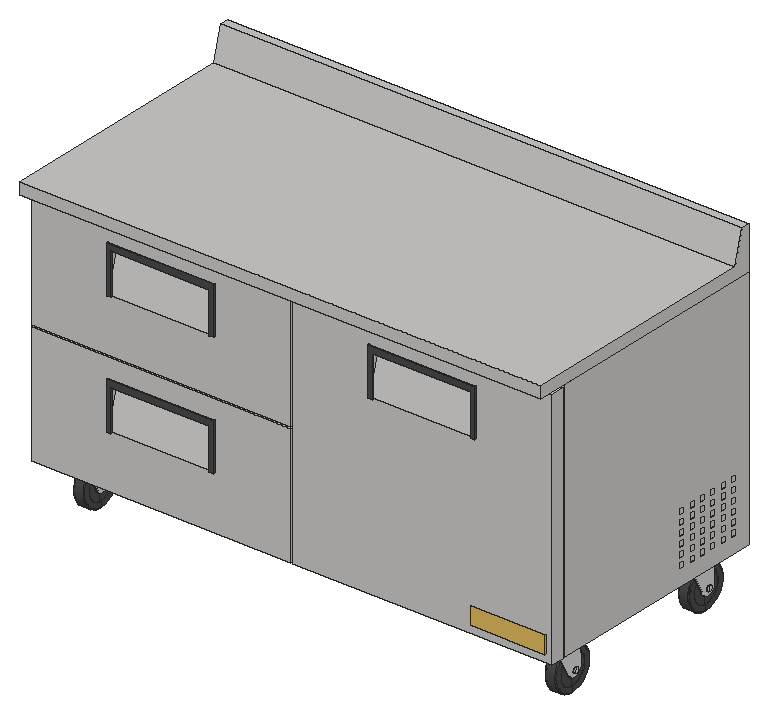
Revit family
Parameters
  Weight = "N/A"
  Watts = FL Amps * Volts  # 586.5 W
  Volts = 115 V
  URL Manufacturer = "www.truemfg.com"
  URL Cutsheet = "www.truemfg.com"
  URL = "www.truemfg.com"
  Type Mark [instance] = ""
  Status [instance] = ""
  Specification by User [instance] = ""
  Specification by Manufacturer = ""
  Show Seismic Flanged [instance] = no
  Show Logo [instance] = yes
  Show Legs [instance] = no
  Show Clearance [instance] = yes
  Show Casters [instance] = and(not(Show Legs), not(Show Seismic Flanged))  # yes
  Serial Number = ""
  Seismic Rating = ""
  Seismic Plate [instance] = and(Show Seismic Flanged, not(Show Casters))  # no
  SMACNA No = ""
  Right/Left Option [instance] = no
  Revision Code [instance] = ""
  Phase = 1
  Omniclass Number and Title = ""
  Number of Poles [instance] = 1
  NAFEM Spec ID Number = ""
  Model = "TWT-60D-2"
  Min Ckt Ampacity = 0 A
  Max Overcurrent Protection = 0 A
  MasterSpec. = ""
  Manufacturer = "TRUE FOOD SERVICE EQUIPMENT, INC."
  Legs [instance] = or(Show Legs, Show Seismic Flanged)  # no
  Item Number [instance] = ""
  Installed By [instance] = ""
  Identify Quantity as Lot [instance] = yes
  HP = "1/5"
  Furnished By [instance] = ""
  Foodservice Equipment Identifier [instance] = yes
  FL Amps = 5.1 A
  Electrical Remarks [instance] = "230-240/50/1"
  Electric Connection Type [instance] = ""
  Elec Conn RI Height [instance] = 0"
  Elec Conn Connection Height [instance] = 0"
  Description = "Worktop Drawered Refrigerator"
  Cycle = 60 Hz
  Conn Plug NEMA = "NEMA 5-15P"
  Conn Conduit = yes
  CSI MasterFormat = ""
  CSI Master Format = ""
  Body Finish = QF_Finishes_Stainless Steel
  Base Height [instance] = if(Legs, 6", 6 3/16")  # 6 3/16"
  Apparent Power = if(Phase = 3, Volts * FL Amps * 1.73, Volts * FL Amps)  # 586.5 VA
Reference planes (in)
  plane 1 "BACK": y = -16.5
  plane 2: z = 0
  plane 3 "LEFT": x = 0
  plane 4 "RIGHT": x = 60.3125
  plane 5 "FRONT": y = -47.5625
  plane 6 "TOP": z = 35.9375
  plane 7: z = 6.1875
Forms (in)
  Revolve 1, solid, material "QF_Finishes_Stainless Steel" <- "Body Finish", visible <- "Legs"
    sketch origin (0.84375, -20.82507, 0) x (1, 0, 0) y (0, 0, -1)
      loop
        line (2, -6.1875) -> (2, -0.1875) -> (1.5, -0.1875) -> (1.5, -1.1875) -> (1.25, -1.1875) -> (0.53856, -6.1875) -> (2, -6.1875)
      axis (2, -0.1875) -> (2, -6.1875)
    angle from 0 to 360
  Extrusion 2, solid, material "QF_Finishes_Stainless Steel" <- "Body Finish", visible <- "Seismic Plate"
    sketch origin (-0.22541, -19.13091, 0) x (1, 0, 0) y (0, 1, 0)
      loop
        circle (3.06916, -1.69416) r 1.5
    from 0 to 0.25
  Revolve 3, solid, material "QF_Finishes_Stainless Steel" <- "Body Finish", visible <- "Legs"
    sketch origin (0.84375, -40.15813, 0) x (1, 0, 0) y (0, 0, -1)
      loop
        line (2, -6.1875) -> (2, -0.1875) -> (1.5, -0.1875) -> (1.5, -1.1875) -> (1.25, -1.1875) -> (0.53856, -6.1875) -> (2, -6.1875)
      axis (2, -0.1875) -> (2, -6.1875)
    angle from 0 to 360
  Extrusion 4, solid, material "QF_Finishes_Stainless Steel" <- "Body Finish", visible <- "Seismic Plate"
    sketch origin (-0.22541, -42.50254, 0) x (1, 0, 0) y (0, 1, 0)
      loop
        circle (3.06916, 2.30585) r 1.5
    from 0 to 0.25
  Revolve 5, solid, material "QF_Finishes_Stainless Steel" <- "Body Finish", visible <- "Legs"
    sketch origin (22.71875, -20.82507, 0) x (1, 0, 0) y (0, 0, -1)
      loop
        line (34.75, -6.1875) -> (34.75, -0.1875) -> (34.25, -0.1875) -> (34.25, -1.1875) -> (34, -1.1875) -> (33.28856, -6.1875) -> (34.75, -6.1875)
      axis (34.75, -0.1875) -> (34.75, -6.1875)
    angle from 0 to 360
  Extrusion 6, solid, material "QF_Finishes_Stainless Steel" <- "Body Finish", visible <- "Seismic Plate"
    sketch origin (21.64959, -19.13091, 0) x (1, 0, 0) y (0, 1, 0)
      loop
        circle (35.81916, -1.69416) r 1.5
    from 0 to 0.25
  Revolve 7, solid, material "QF_Finishes_Stainless Steel" <- "Body Finish", visible <- "Legs"
    sketch origin (22.71875, -40.15813, 0) x (1, 0, 0) y (0, 0, -1)
      loop
        line (34.75, -6.1875) -> (34.75, -0.1875) -> (34.25, -0.1875) -> (34.25, -1.1875) -> (34, -1.1875) -> (33.28856, -6.1875) -> (34.75, -6.1875)
      axis (34.75, -0.1875) -> (34.75, -6.1875)
    angle from 0 to 360
  Extrusion 8, solid, material "QF_Finishes_Stainless Steel" <- "Body Finish", visible <- "Seismic Plate"
    sketch origin (21.64959, -42.50254, 0) x (1, 0, 0) y (0, 1, 0)
      loop
        circle (35.81916, 2.30585) r 1.5
    from 0 to 0.25
Lines and regions (in)
  symbolic lines, style "SpecialityEquipmentHiddenLines", visible <- "Show Casters"
    curve 1: line (1.05276, -22.68104, 0) -> (2.13882, -23.30808, 0)
    curve 2: line (3.55276, -18.35092, 0) -> (1.05276, -22.68104, 0)
    curve 3: line (4.63882, -18.97795, 0) -> (3.55276, -18.35092, 0)
    curve 4: line (2.13882, -23.30808, 0) -> (4.63882, -18.97795, 0)
    curve 5: line (55.67776, -22.68104, 0) -> (56.76382, -23.30808, 0)
    curve 6: line (58.17776, -18.35092, 0) -> (55.67776, -22.68104, 0)
    curve 7: line (59.26382, -18.97795, 0) -> (58.17776, -18.35092, 0)
    curve 8: line (56.76382, -23.30808, 0) -> (59.26382, -18.97795, 0)
    curve 9: line (1.05276, -42.04409, 0) -> (2.13882, -42.67113, 0)
    curve 10: line (3.55276, -37.71397, 0) -> (1.05276, -42.04409, 0)
    curve 11: line (4.63882, -38.34101, 0) -> (3.55276, -37.71397, 0)
    curve 12: line (2.13882, -42.67113, 0) -> (4.63882, -38.34101, 0)
    curve 13: line (55.67776, -42.04409, 0) -> (56.76382, -42.67113, 0)
    curve 14: line (58.17776, -37.71397, 0) -> (55.67776, -42.04409, 0)
    curve 15: line (59.26382, -38.34101, 0) -> (58.17776, -37.71397, 0)
    curve 16: line (56.76382, -42.67113, 0) -> (59.26382, -38.34101, 0)
Dimensions and locks (in)
  plane 3 "LEFT" to plane 4 "RIGHT" = 60 5/16"
  plane 4 "RIGHT" to plane 3 "LEFT" = 60 5/16"
  plane 5 "FRONT" to plane 1 "BACK" = 31 1/16"  (x2)
  "Base Height": plane 7 to level
  Revolve 3 sketch curve to Revolve 3 sketch curve to Revolve 3 sketch curve = 5" locked, 1" locked
  Revolve 1 sketch curve to Revolve 1 sketch curve to Revolve 1 sketch curve = 5" locked, 1" locked
  Revolve 7 sketch curve to Revolve 7 sketch curve to Revolve 7 sketch curve = 5" locked, 1" locked
  Revolve 5 sketch curve to Revolve 5 sketch curve to Revolve 5 sketch curve = 5" locked, 1" locked
  plane 6 "TOP" to level = 35 15/16"
  nested 1 to plane 5 "FRONT" = 19 11/16"
  aligned and locked: level to plane 2
  aligned and locked: Revolve 3 sketch curve to plane 7
  aligned and locked: Revolve 1 sketch curve to plane 7
  aligned and locked: plane 7 to Revolve 7
  aligned and locked: plane 7 to Revolve 5
  aligned and locked: plane 5 "FRONT" to nested 1
  aligned and locked: plane 3 "LEFT" to nested 1  (x2)
  aligned and locked: plane 7 to nested 1
  aligned and locked: nested 1 to plane 7
  aligned and locked: nested 1 to plane 5 "FRONT"
Automatic sketch dimensions
  plane 3 "LEFT" to curve 1 = 1.05276"
  plane 3 "LEFT" to curve 10 = 1.05276"
  curve 1 to curve 1 = 1.08606"
  curve 9 to curve 9 = 1.08606"
  plane 3 "LEFT" to curve 3 = 3.55276"
  plane 3 "LEFT" to curve 10 = 3.55276"
  curve 13 to plane 4 "RIGHT" = 4.63474"
  curve 5 to plane 4 "RIGHT" = 4.63474"
  curve 13 to curve 13 = 1.08606"
  curve 5 to curve 8 = 1.08606"
  curve 7 to plane 4 "RIGHT" = 2.13474"
  curve 14 to plane 4 "RIGHT" = 2.13474"
  curve 16 to plane 5 "FRONT" = 4.89137"
  curve 12 to plane 5 "FRONT" = 4.89137"
  curve 13 to curve 13 = 0.62704"
  curve 9 to curve 10 = 0.62704"
  plane 1 "BACK" to curve 4 = 6.80808"
  plane 1 "BACK" to curve 8 = 6.80808"
  curve 5 to curve 6 = 0.62704"
  curve 1 to curve 1 = 0.62704"
  plane 3 "LEFT" to Revolve 1 sketch curve = 1.38231"
  plane 3 "LEFT" to Revolve 1 sketch curve = 2 3/32"
  Revolve 1 sketch curve to Revolve 1 sketch curve = 1/4"
  Revolve 1 sketch curve to Revolve 1 sketch curve = 1/2"
  Revolve 1 sketch curve to Revolve 1 sketch curve = 0"
  plane 7 to Revolve 1 sketch curve = 23/32"
  Revolve 1 sketch curve to Revolve 1 sketch curve = 1 1/2"
  plane 3 "LEFT" to Extrusion 2 sketch curve = 2 27/32"
  plane 1 "BACK" to Extrusion 2 sketch curve = 4.32507"
  plane 3 "LEFT" to Revolve 3 sketch curve = 1.38231"
  plane 3 "LEFT" to Revolve 3 sketch curve = 2 3/32"
  Revolve 3 sketch curve to Revolve 3 sketch curve = 1/4"
  Revolve 3 sketch curve to Revolve 3 sketch curve = 1/2"
  Revolve 3 sketch curve to Revolve 3 sketch curve = 0"
  plane 7 to Revolve 3 sketch curve = 23/32"
  Revolve 3 sketch curve to Revolve 3 sketch curve = 1 1/2"
  plane 3 "LEFT" to Extrusion 4 sketch curve = 2 27/32"
  Extrusion 4 sketch curve to plane 5 "FRONT" = 7.36581"
  Revolve 5 sketch curve to plane 7 = 0"
  Revolve 5 sketch curve to plane 4 "RIGHT" = 4.30519"
  Revolve 5 sketch curve to plane 4 "RIGHT" = 3 19/32"
  Revolve 5 sketch curve to Revolve 5 sketch curve = 1/4"
  Revolve 5 sketch curve to Revolve 5 sketch curve = 1/2"
  Revolve 5 sketch curve to Revolve 5 sketch curve = 0"
  plane 7 to Revolve 5 sketch curve = 23/32"
  Revolve 5 sketch curve to Revolve 5 sketch curve = 1 1/2"
  Extrusion 6 sketch curve to plane 4 "RIGHT" = 2 27/32"
  plane 1 "BACK" to Extrusion 6 sketch curve = 4.32507"
  Revolve 7 sketch curve to plane 7 = 0"
  Revolve 7 sketch curve to plane 4 "RIGHT" = 4.30519"
  Revolve 7 sketch curve to plane 4 "RIGHT" = 3 19/32"
  Revolve 7 sketch curve to Revolve 7 sketch curve = 1/4"
  Revolve 7 sketch curve to Revolve 7 sketch curve = 1/2"
  Revolve 7 sketch curve to Revolve 7 sketch curve = 0"
  plane 7 to Revolve 7 sketch curve = 23/32"
  Revolve 7 sketch curve to Revolve 7 sketch curve = 1 1/2"
  Extrusion 8 sketch curve to plane 4 "RIGHT" = 2 27/32"
  Extrusion 8 sketch curve to plane 5 "FRONT" = 7.36581"
  radius of Extrusion 2 sketch curve = 1 1/2"
  radius of Extrusion 4 sketch curve = 1 1/2"
  radius of Extrusion 6 sketch curve = 1 1/2"
  radius of Extrusion 8 sketch curve = 1 1/2"
Nested families (in)
  nested 1: "True_TWT-60D-2" at (0, 0, 0), Show Logo <- "Show Logo", Show Clearance <- "Show Clearance", Show Casters <- "Show Casters", RightLeft Option <- "Right/Left Option", type "True_TWT-60D-2"
    with Show Logo yes, Show Clearance yes, Show Casters yes, RightLeft Option no, Right Clearance yes, Left Clearance no, B 0", A 0"
Connectors (in)
  electrical at (56.875, -17.5, 12), driven by "Volts", driven by "Watts"
    settings: on nested 1, index 1, voltage 115 V, apparent load 586.5 VA, apparent load phase1 0 VA, apparent load phase2 0 VA, apparent load phase3 0 VA, power factor 1, load classification "Other", number of poles 1, system type 30, power factor state 1, is connector primary yes, connector utility no, sub classification motor no, connector description "Electrical Connection"
Definition of nested family "True_TWT-60D-2"
  Parameters (values of type "True_TWT-60D-2")
    URL = ""
    Show Logo [instance] = yes
    Show Clearance [instance] = yes
    Show Casters [instance] = yes
    RightLeft Option [instance] = no
    Right Clearance [instance] = and(Show Clearance, not(RightLeft Option))  # yes
    Model = ""
    Manufacturer = ""
    Left Clearance [instance] = and(Show Clearance, (RightLeft Option))  # no
    Description = ""
    B [instance] = if(RightLeft Option, 30 9/32", 0")  # 0"
    Assembly Code = ""
    A [instance] = if(RightLeft Option, 30 9/32", 0")  # 0"
  Reference planes (in)
    plane 1 "BACK": y = -16.5
    plane 2: z = 0
    plane 3 "LEFT": x = 0
    plane 4 "RIGHT": x = 60.3125
    plane 5 "FRONT": y = -47.5625
    plane 6 "TOP": z = 35.9375
    plane 7: z = 6.1875
  Forms (in)
    Extrusion 1, solid, material "QF_Finishes_Stainless Steel"
      sketch origin (0, -1, 0) x (0, 1, 0) y (0, 0, 1)
        loop
          line (-46.5625, 35.9375) -> (-46.5625, 34.5) -> (-16.5, 34.5) -> (-16.5, 39.5) -> (-17.5, 39.5) -> (-18.46875, 35.9375) -> (-46.5625, 35.9375)
      from 0 to 60.3125
    Extrusion 2, solid, material "QF_Finishes_Stainless Steel"
      sketch origin (0, -1, 0) x (0, 1, 0) y (0, 0, 1)
        loop
          line (-17.5, 34.5) -> (-17.5, 6.1875) -> (-16.5, 6.1875) -> (-16.5, 34.5) -> (-17.5, 34.5)
      from 0 to 60.1875
    Extrusion 3, solid, material "QF_Finishes_Stainless Steel"
      sketch origin (40.66923, -1, 0.52317) x (0, 1, 0) y (0, 0, 1)
        loop
          line (-43.07201, 33.97683) -> (-43.07201, 5.66433) -> (-16.5, 5.66433) -> (-16.5, 33.97683) -> (-43.07201, 33.97683)
        loop
          line (-19.03986, 13.81876) -> (-19.03986, 13.06876) -> (-18.28986, 13.06876) -> (-18.28986, 13.81876) -> (-19.03986, 13.81876)
        loop
          line (-20.53986, 13.81876) -> (-20.53986, 13.06876) -> (-19.78986, 13.06876) -> (-19.78986, 13.81876) -> (-20.53986, 13.81876)
        loop
          line (-22.03986, 13.81876) -> (-22.03986, 13.06876) -> (-21.28986, 13.06876) -> (-21.28986, 13.81876) -> (-22.03986, 13.81876)
        loop
          line (-23.53986, 13.81876) -> (-23.53986, 13.06876) -> (-22.78986, 13.06876) -> (-22.78986, 13.81876) -> (-23.53986, 13.81876)
        loop
          line (-25.03986, 13.81876) -> (-25.03986, 13.06876) -> (-24.28986, 13.06876) -> (-24.28986, 13.81876) -> (-25.03986, 13.81876)
        loop
          line (-26.53986, 13.81876) -> (-26.53986, 13.06876) -> (-25.78986, 13.06876) -> (-25.78986, 13.81876) -> (-26.53986, 13.81876)
        loop
          line (-19.03986, 12.69376) -> (-19.03986, 11.94376) -> (-18.28986, 11.94376) -> (-18.28986, 12.69376) -> (-19.03986, 12.69376)
        loop
          line (-20.53986, 12.69376) -> (-20.53986, 11.94376) -> (-19.78986, 11.94376) -> (-19.78986, 12.69376) -> (-20.53986, 12.69376)
        loop
          line (-22.03986, 12.69376) -> (-22.03986, 11.94376) -> (-21.28986, 11.94376) -> (-21.28986, 12.69376) -> (-22.03986, 12.69376)
        loop
          line (-23.53986, 12.69376) -> (-23.53986, 11.94376) -> (-22.78986, 11.94376) -> (-22.78986, 12.69376) -> (-23.53986, 12.69376)
        loop
          line (-25.03986, 12.69376) -> (-25.03986, 11.94376) -> (-24.28986, 11.94376) -> (-24.28986, 12.69376) -> (-25.03986, 12.69376)
        loop
          line (-26.53986, 12.69376) -> (-26.53986, 11.94376) -> (-25.78986, 11.94376) -> (-25.78986, 12.69376) -> (-26.53986, 12.69376)
        loop
          line (-19.03986, 11.56876) -> (-19.03986, 10.81876) -> (-18.28986, 10.81876) -> (-18.28986, 11.56876) -> (-19.03986, 11.56876)
        loop
          line (-20.53986, 11.56876) -> (-20.53986, 10.81876) -> (-19.78986, 10.81876) -> (-19.78986, 11.56876) -> (-20.53986, 11.56876)
        loop
          line (-22.03986, 11.56876) -> (-22.03986, 10.81876) -> (-21.28986, 10.81876) -> (-21.28986, 11.56876) -> (-22.03986, 11.56876)
        loop
          line (-23.53986, 11.56876) -> (-23.53986, 10.81876) -> (-22.78986, 10.81876) -> (-22.78986, 11.56876) -> (-23.53986, 11.56876)
        loop
          line (-25.03986, 11.56876) -> (-25.03986, 10.81876) -> (-24.28986, 10.81876) -> (-24.28986, 11.56876) -> (-25.03986, 11.56876)
        loop
          line (-26.53986, 11.56876) -> (-26.53986, 10.81876) -> (-25.78986, 10.81876) -> (-25.78986, 11.56876) -> (-26.53986, 11.56876)
        loop
          line (-19.03986, 10.44376) -> (-19.03986, 9.69376) -> (-18.28986, 9.69376) -> (-18.28986, 10.44376) -> (-19.03986, 10.44376)
        loop
          line (-20.53986, 10.44376) -> (-20.53986, 9.69376) -> (-19.78986, 9.69376) -> (-19.78986, 10.44376) -> (-20.53986, 10.44376)
        loop
          line (-22.03986, 10.44376) -> (-22.03986, 9.69376) -> (-21.28986, 9.69376) -> (-21.28986, 10.44376) -> (-22.03986, 10.44376)
        loop
          line (-23.53986, 10.44376) -> (-23.53986, 9.69376) -> (-22.78986, 9.69376) -> (-22.78986, 10.44376) -> (-23.53986, 10.44376)
        loop
          line (-25.03986, 10.44376) -> (-25.03986, 9.69376) -> (-24.28986, 9.69376) -> (-24.28986, 10.44376) -> (-25.03986, 10.44376)
        loop
          line (-26.53986, 10.44376) -> (-26.53986, 9.69376) -> (-25.78986, 9.69376) -> (-25.78986, 10.44376) -> (-26.53986, 10.44376)
        loop
          line (-19.03986, 9.31876) -> (-19.03986, 8.56876) -> (-18.28986, 8.56876) -> (-18.28986, 9.31876) -> (-19.03986, 9.31876)
        loop
          line (-20.53986, 9.31876) -> (-20.53986, 8.56876) -> (-19.78986, 8.56876) -> (-19.78986, 9.31876) -> (-20.53986, 9.31876)
        loop
          line (-22.03986, 9.31876) -> (-22.03986, 8.56876) -> (-21.28986, 8.56876) -> (-21.28986, 9.31876) -> (-22.03986, 9.31876)
        loop
          line (-23.53986, 9.31876) -> (-23.53986, 8.56876) -> (-22.78986, 8.56876) -> (-22.78986, 9.31876) -> (-23.53986, 9.31876)
        loop
          line (-25.03986, 9.31876) -> (-25.03986, 8.56876) -> (-24.28986, 8.56876) -> (-24.28986, 9.31876) -> (-25.03986, 9.31876)
        loop
          line (-26.53986, 9.31876) -> (-26.53986, 8.56876) -> (-25.78986, 8.56876) -> (-25.78986, 9.31876) -> (-26.53986, 9.31876)
        loop
          line (-19.03986, 8.19376) -> (-19.03986, 7.44376) -> (-18.28986, 7.44376) -> (-18.28986, 8.19376) -> (-19.03986, 8.19376)
        loop
          line (-20.53986, 8.19376) -> (-20.53986, 7.44376) -> (-19.78986, 7.44376) -> (-19.78986, 8.19376) -> (-20.53986, 8.19376)
        loop
          line (-22.03986, 8.19376) -> (-22.03986, 7.44376) -> (-21.28986, 7.44376) -> (-21.28986, 8.19376) -> (-22.03986, 8.19376)
        loop
          line (-23.53986, 8.19376) -> (-23.53986, 7.44376) -> (-22.78986, 7.44376) -> (-22.78986, 8.19376) -> (-23.53986, 8.19376)
        loop
          line (-25.03986, 8.19376) -> (-25.03986, 7.44376) -> (-24.28986, 7.44376) -> (-24.28986, 8.19376) -> (-25.03986, 8.19376)
        loop
          line (-26.53986, 8.19376) -> (-26.53986, 7.44376) -> (-25.78986, 7.44376) -> (-25.78986, 8.19376) -> (-26.53986, 8.19376)
      from 19.51827 to 19.64327
    Extrusion 4, solid, material "QF_Finishes_Stainless Steel"
      sketch origin (31.63704, -16.5, -9.83802) x (1, 0, 0) y (0, 0, 1)
        loop
          circle (22.96499, 40.7598) r 0.46875
      from 0 to 1
    Extrusion 5, solid, material "QF_Finishes_Stainless Steel"
      sketch origin (28.67546, -16.5, -9.83802) x (-1, 0, 0) y (0, 0, -1)
        loop
          circle (22.96499, -40.7598) r 0.46875
      from 0 to 1
    Extrusion 6, solid, material "QF_Finishes_Stainless Steel"
      sketch origin (31.58446, -17.5, 0) x (1, 0, 0) y (0, 0, 1)
        loop
          circle (25.29054, 12) r 0.25
      from 0 to 0.0625
    Extrusion 7, solid, material "QF_Finishes_Stainless Steel"
      sketch origin (0, -47.5625, 0) x (1, 0, 0) y (0, 0, 1)
        loop
          line (0, 34.5) -> (0, 6.1875) -> (60.1875, 6.1875) -> (60.1875, 34.5) -> (0, 34.5)
      from -30.0625 to -3.49049
    Extrusion 8, solid, material "QF_Finishes_Stainless Steel"
      sketch origin (0.99566, -12.95201, 0) x (1, 0, 0) y (0, 0, 1)
        loop
          line (59.31684, 6.1875) -> (59.31684, 34.28323) -> (29.28559, 34.28323) -> (29.28559, 6.1875) -> (59.31684, 6.1875)
        loop
          line (38.12153, 32.0625) -> (38.12153, 26.5625) -> (50.49653, 26.5625) -> (50.49653, 32.0625) -> (38.12153, 32.0625)
      from 31.44201 to 33
    Extrusion 9, solid, material "QF_Finishes_Black"
      sketch origin (12.0625, 3.29799, 0) x (0, 1, 0) y (0, 0, 1)
        loop
          line (-47.69201, 33.78323) -> (-47.69201, 20.84474) -> (-47.37, 20.84474) -> (-47.37, 33.78323) -> (-47.69201, 33.78323)
      from -11.5625 to 17.46875
    Extrusion 10, solid, material "QF_Finishes_Stainless Steel"
      sketch origin (1.08594, 3.54799, 0) x (0, 1, 0) y (0, 0, 1)
        loop
          line (-47.94201, 32.0625) -> (-49.5, 26.5625) -> (-47.94201, 26.5625) -> (-47.94201, 32.0625)
        loop
          line (-47.94201, 17.90526) -> (-49.5, 12.40526) -> (-47.94201, 12.40526) -> (-47.94201, 17.90526)
      from 7.75 to 20.125
    Extrusion 11, solid, material "QF_Finishes_Black"
      sketch origin (1.08594, -45.95201, 0) x (1, 0, 0) y (0, 0, 1)
        loop
          line (20.125, 32.0625) -> (7.75, 32.0625) -> (7.75, 26.5625) -> (8.25, 26.5625) -> (8.25, 31.3125) -> (19.625, 31.3125) -> (19.625, 26.5625) -> (20.125, 26.5625) -> (20.125, 32.0625)
        loop
          line (20.125, 17.90526) -> (7.75, 17.90526) -> (7.75, 12.40526) -> (8.25, 12.40526) -> (8.25, 17.15526) -> (19.625, 17.15526) -> (19.625, 12.40526) -> (20.125, 12.40526) -> (20.125, 17.90526)
      from 0 to 0.125
    Extrusion 12, solid, material "QF_Finishes_Stainless Steel"
      sketch origin (31.36719, 3.54799, 0) x (0, 1, 0) y (0, 0, 1)
        loop
          line (-47.94201, 32.0625) -> (-49.5, 26.5625) -> (-47.94201, 26.5625) -> (-47.94201, 32.0625)
      from 7.75 to 20.125
    Extrusion 13, solid, material "QF_Finishes_Black"
      sketch origin (31.36719, -45.95201, 0) x (1, 0, 0) y (0, 0, 1)
        loop
          line (20.125, 32.0625) -> (7.75, 32.0625) -> (7.75, 26.5625) -> (8.25, 26.5625) -> (8.25, 31.3125) -> (19.625, 31.3125) -> (19.625, 26.5625) -> (20.125, 26.5625) -> (20.125, 32.0625)
      from 0 to 0.125
    Extrusion 14, solid, material "QF_Finishes_Satin - Goldenrod", visible <- "Show Logo"
      sketch origin (-14.41732, -11.20201, -25.21535) x (1, 0, 0) y (0, 0, 1)
        loop
          line (73.97982, 34.29477) -> (65.37982, 34.29477) -> (65.37982, 32.2921) -> (73.97982, 32.2921) -> (73.97982, 34.29477)
      from 34.75 to 34.80335
    Extrusion 15, solid, material "QF_Finishes_Black"
      sketch origin (12.0625, 3.29799, -14.15724) x (0, 1, 0) y (0, 0, 1)
        loop
          line (-47.69201, 33.78323) -> (-47.69201, 20.84474) -> (-47.37, 20.84474) -> (-47.37, 33.78323) -> (-47.69201, 33.78323)
      from -11.5625 to 17.46875
    Extrusion 16, solid, material "QF_Finishes_Black"
      sketch origin (42.34375, 3.29799, 0) x (0, 1, 0) y (0, 0, 1)
        loop
          line (-47.69201, 33.78323) -> (-47.69201, 6.6875) -> (-47.37, 6.6875) -> (-47.37, 33.78323) -> (-47.69201, 33.78323)
      from -11.5625 to 17.46875
    Extrusion 17, solid, material "QF_Finishes_Handrails and Railings", visible <- "Show Casters"
      sketch origin (0.84375, -38.80219, 1.18891) x (0, 1, 0) y (0, 0, 1)
        loop
          line (-3.9827, 4.36074) -> (-3.9827, 3.75589) -> (-3.6077, 3.75589) -> (-2.25253, 1.15484)
          arc (-2.25253, 1.15484) -> (-1.35455, 0.51289) -> (-0.45657, 1.15484) r 0.94903
          line (-0.45657, 1.15484) -> (-0.54355, 4.36074) -> (-3.9827, 4.36074)
      from 1.175 to 1.325
    Revolve 18, solid, material "QF_Finishes_Chrome - Satin", visible <- "Show Casters"
      sketch origin (0.84375, -41.06531, 0.68891) x (1, 0, 0) y (0, 0, 1)
        loop
          line (2, 4.86074) -> (2, 5.49859) -> (0.60918, 5.49859) -> (0.60918, 4.86074) -> (2, 4.86074)
        axis (2, 4.86074) -> (2, 5.49859)
      angle from 0 to 360
    Extrusion 19, solid, material "QF_Finishes_Handrails and Railings", visible <- "Show Casters"
      sketch origin (-46.9375, -38.80219, 1.18891) x (0, 1, 0) y (0, 0, 1)
        loop
          line (-3.9827, 4.36074) -> (-3.9827, 3.75589) -> (-3.6077, 3.75589) -> (-0.53736, 4.13288) -> (-0.54355, 4.36074) -> (-3.9827, 4.36074)
      from 49.10625 to 50.45625
    Revolve 20, solid, material "QF_Finishes_Black", visible <- "Show Casters"
      sketch origin (0.84375, -40.15399, 1) x (1, 0, 0) y (0, 0, 1)
        loop
          line (1.475, 4) -> (1.375, 3.9) -> (1.375, 3.29941) -> (1.53601, 3.29941) -> (1.53601, 2.04941) -> (1.375, 2.04941) -> (1.375, 1.79941) -> (0.975, 1.79941) -> (0.975, 1.5) -> (3.025, 1.5) -> (3.025, 1.79941) -> (2.62908, 1.79941) -> (2.62908, 2.04941) -> (2.46399, 2.04941) -> (2.46399, 3.29941) -> (2.62908, 3.29941) -> (2.62908, 3.89592) -> (2.525, 4) -> (1.475, 4)
        axis (3.025, 1.5) -> (0.975, 1.5)
      angle from 0 to 360
    Extrusion 21, solid, material "QF_Finishes_Handrails and Railings", visible <- "Show Casters"
      sketch origin (4.84375, -38.80219, 1.18891) x (0, 1, 0) y (0, 0, -1)
        loop
          line (-3.9827, -3.75589) -> (-3.9827, -4.36074) -> (-0.54355, -4.36074) -> (-0.45657, -1.15484)
          arc (-0.45657, -1.15484) -> (-1.35455, -0.51289) -> (-2.25253, -1.15484) r 0.94903
          line (-2.25253, -1.15484) -> (-3.6077, -3.75589) -> (-3.9827, -3.75589)
      from 1.175 to 1.325
    Extrusion 22, solid, material "QF_Finishes_Handrails and Railings", visible <- "Show Casters"
      sketch origin (0.84375, -19.47769, 1.18891) x (0, 1, 0) y (0, 0, 1)
        loop
          line (-3.9827, 4.36074) -> (-3.9827, 3.75589) -> (-3.6077, 3.75589) -> (-2.25253, 1.15484)
          arc (-2.25253, 1.15484) -> (-1.35455, 0.51289) -> (-0.45657, 1.15484) r 0.94903
          line (-0.45657, 1.15484) -> (-0.54355, 4.36074) -> (-3.9827, 4.36074)
      from 1.175 to 1.325
    Revolve 23, solid, material "QF_Finishes_Chrome - Satin", visible <- "Show Casters"
      sketch origin (0.84375, -21.74082, 0.68891) x (1, 0, 0) y (0, 0, 1)
        loop
          line (2, 4.86074) -> (2, 5.49859) -> (0.60918, 5.49859) -> (0.60918, 4.86074) -> (2, 4.86074)
        axis (2, 4.86074) -> (2, 5.49859)
      angle from 0 to 360
    Extrusion 24, solid, material "QF_Finishes_Handrails and Railings", visible <- "Show Casters"
      sketch origin (-46.9375, -19.47769, 1.18891) x (0, 1, 0) y (0, 0, 1)
        loop
          line (-3.9827, 4.36074) -> (-3.9827, 3.75589) -> (-3.6077, 3.75589) -> (-0.53736, 4.13288) -> (-0.54355, 4.36074) -> (-3.9827, 4.36074)
      from 49.10625 to 50.45625
    Revolve 25, solid, material "QF_Finishes_Black", visible <- "Show Casters"
      sketch origin (0.84375, -20.8295, 1) x (1, 0, 0) y (0, 0, 1)
        loop
          line (1.475, 4) -> (1.375, 3.9) -> (1.375, 3.29941) -> (1.53601, 3.29941) -> (1.53601, 2.04941) -> (1.375, 2.04941) -> (1.375, 1.79941) -> (0.975, 1.79941) -> (0.975, 1.5) -> (3.025, 1.5) -> (3.025, 1.79941) -> (2.62908, 1.79941) -> (2.62908, 2.04941) -> (2.46399, 2.04941) -> (2.46399, 3.29941) -> (2.62908, 3.29941) -> (2.62908, 3.89592) -> (2.525, 4) -> (1.475, 4)
        axis (3.025, 1.5) -> (0.975, 1.5)
      angle from 0 to 360
    Extrusion 26, solid, material "QF_Finishes_Handrails and Railings", visible <- "Show Casters"
      sketch origin (4.84375, -19.47769, 1.18891) x (0, 1, 0) y (0, 0, -1)
        loop
          line (-3.9827, -3.75589) -> (-3.9827, -4.36074) -> (-0.54355, -4.36074) -> (-0.45657, -1.15484)
          arc (-0.45657, -1.15484) -> (-1.35455, -0.51289) -> (-2.25253, -1.15484) r 0.94903
          line (-2.25253, -1.15484) -> (-3.6077, -3.75589) -> (-3.9827, -3.75589)
      from 1.175 to 1.325
    Extrusion 27, solid, material "QF_Finishes_Handrails and Railings", visible <- "Show Casters"
      sketch origin (59.46875, -38.80219, 1.18891) x (0, 1, 0) y (0, 0, -1)
        loop
          line (-3.9827, -4.36074) -> (-0.54355, -4.36074) -> (-0.45657, -1.15484)
          arc (-0.45657, -1.15484) -> (-1.35455, -0.51289) -> (-2.25253, -1.15484) r 0.94903
          line (-2.25253, -1.15484) -> (-3.6077, -3.75589) -> (-3.9827, -3.75589) -> (-3.9827, -4.36074)
      from 1.175 to 1.325
    Revolve 28, solid, material "QF_Finishes_Chrome - Satin", visible <- "Show Casters"
      sketch origin (59.46875, -41.06531, 0.68891) x (-1, 0, 0) y (0, 0, -1)
        loop
          line (2, -4.86074) -> (0.60918, -4.86074) -> (0.60918, -5.49859) -> (2, -5.49859) -> (2, -4.86074)
        axis (2, -4.86074) -> (2, -5.49859)
      angle from 0 to 360
    Extrusion 29, solid, material "QF_Finishes_Handrails and Railings", visible <- "Show Casters"
      sketch origin (107.25, -38.80219, 1.18891) x (0, 1, 0) y (0, 0, -1)
        loop
          line (-3.9827, -4.36074) -> (-0.54355, -4.36074) -> (-0.53736, -4.13288) -> (-3.6077, -3.75589) -> (-3.9827, -3.75589) -> (-3.9827, -4.36074)
      from 49.10625 to 50.45625
    Revolve 30, solid, material "QF_Finishes_Black", visible <- "Show Casters"
      sketch origin (59.46875, -40.15399, 1) x (-1, 0, 0) y (0, 0, -1)
        loop
          line (1.475, -4) -> (2.525, -4) -> (2.62908, -3.89592) -> (2.62908, -3.29941) -> (2.46399, -3.29941) -> (2.46399, -2.04941) -> (2.62908, -2.04941) -> (2.62908, -1.79941) -> (3.025, -1.79941) -> (3.025, -1.5) -> (0.975, -1.5) -> (0.975, -1.79941) -> (1.375, -1.79941) -> (1.375, -2.04941) -> (1.53601, -2.04941) -> (1.53601, -3.29941) -> (1.375, -3.29941) -> (1.375, -3.9) -> (1.475, -4)
        axis (3.025, -1.5) -> (0.975, -1.5)
      angle from 0 to 360
    Extrusion 31, solid, material "QF_Finishes_Handrails and Railings", visible <- "Show Casters"
      sketch origin (55.46875, -38.80219, 1.18891) x (0, 1, 0) y (0, 0, 1)
        loop
          line (-3.9827, 3.75589) -> (-3.6077, 3.75589) -> (-2.25253, 1.15484)
          arc (-2.25253, 1.15484) -> (-1.35455, 0.51289) -> (-0.45657, 1.15484) r 0.94903
          line (-0.45657, 1.15484) -> (-0.54355, 4.36074) -> (-3.9827, 4.36074) -> (-3.9827, 3.75589)
      from 1.175 to 1.325
    Extrusion 32, solid, material "QF_Finishes_Handrails and Railings", visible <- "Show Casters"
      sketch origin (59.46875, -19.47769, 1.18891) x (0, 1, 0) y (0, 0, -1)
        loop
          line (-3.9827, -4.36074) -> (-0.54355, -4.36074) -> (-0.45657, -1.15484)
          arc (-0.45657, -1.15484) -> (-1.35455, -0.51289) -> (-2.25253, -1.15484) r 0.94903
          line (-2.25253, -1.15484) -> (-3.6077, -3.75589) -> (-3.9827, -3.75589) -> (-3.9827, -4.36074)
      from 1.175 to 1.325
    Revolve 33, solid, material "QF_Finishes_Chrome - Satin", visible <- "Show Casters"
      sketch origin (59.46875, -21.74082, 0.68891) x (-1, 0, 0) y (0, 0, -1)
        loop
          line (2, -4.86074) -> (0.60918, -4.86074) -> (0.60918, -5.49859) -> (2, -5.49859) -> (2, -4.86074)
        axis (2, -4.86074) -> (2, -5.49859)
      angle from 0 to 360
    Extrusion 34, solid, material "QF_Finishes_Handrails and Railings", visible <- "Show Casters"
      sketch origin (107.25, -19.47769, 1.18891) x (0, 1, 0) y (0, 0, -1)
        loop
          line (-3.9827, -4.36074) -> (-0.54355, -4.36074) -> (-0.53736, -4.13288) -> (-3.6077, -3.75589) -> (-3.9827, -3.75589) -> (-3.9827, -4.36074)
      from 49.10625 to 50.45625
    Revolve 35, solid, material "QF_Finishes_Black", visible <- "Show Casters"
      sketch origin (59.46875, -20.8295, 1) x (-1, 0, 0) y (0, 0, -1)
        loop
          line (1.475, -4) -> (2.525, -4) -> (2.62908, -3.89592) -> (2.62908, -3.29941) -> (2.46399, -3.29941) -> (2.46399, -2.04941) -> (2.62908, -2.04941) -> (2.62908, -1.79941) -> (3.025, -1.79941) -> (3.025, -1.5) -> (0.975, -1.5) -> (0.975, -1.79941) -> (1.375, -1.79941) -> (1.375, -2.04941) -> (1.53601, -2.04941) -> (1.53601, -3.29941) -> (1.375, -3.29941) -> (1.375, -3.9) -> (1.475, -4)
        axis (3.025, -1.5) -> (0.975, -1.5)
      angle from 0 to 360
    Extrusion 36, solid, material "QF_Finishes_Handrails and Railings", visible <- "Show Casters"
      sketch origin (55.46875, -19.47769, 1.18891) x (0, 1, 0) y (0, 0, 1)
        loop
          line (-3.9827, 3.75589) -> (-3.6077, 3.75589) -> (-2.25253, 1.15484)
          arc (-2.25253, 1.15484) -> (-1.35455, 0.51289) -> (-0.45657, 1.15484) r 0.94903
          line (-0.45657, 1.15484) -> (-0.54355, 4.36074) -> (-3.9827, 4.36074) -> (-3.9827, 3.75589)
      from 1.175 to 1.325
    Extrusion 37, solid, material "QF_Finishes_Stainless Steel"
      sketch origin (15.3125, -16.5, 0) x (1, 0, 0) y (0, 0, 1)
        loop
          line (7.625, 6.1875) -> (7.625, 3.875) -> (20.25, 3.875) -> (20.25, 6.1875) -> (7.625, 6.1875)
      from 1.69409 to 21.69409
    Extrusion 38, solid, material "QF_Finishes_Door Clearance", visible <- "Right Clearance", detail levels coarse
      sketch origin (34.33695, -40.85139, 0) x (-1, 0, 0) y (0, -1, 0)
        loop
          arc (4.0557, 5.10063) -> (-4.74025, 26.33593) -> (-25.97555, 35.13188) r 30.03125
          line (-25.97555, 35.13188) -> (-25.97555, 5.10063) -> (4.0557, 5.10063)
      from 6.1875 to 34.28323
    Extrusion 39, solid, material "QF_Finishes_Drawer Clearance", visible <- "Show Clearance", detail levels coarse
      sketch origin (34.33695, -40.85139, 0) x (-1, 0, 0) y (0, -1, 0)
        loop
          line (4.3057, 5.10063) -> (34.33695, 5.10063) -> (34.33695, 26.39861) -> (4.3057, 26.39861) -> (4.3057, 5.10063)
      from 6.1875 to 34.28323
    Extrusion 40, solid, material "QF_Finishes_Stainless Steel"
      sketch origin (10.99566, -12.95201, 0) x (1, 0, 0) y (0, 0, 1)
        loop
          line (-10.99566, 34.28323) -> (-10.99566, 20.34474) -> (19.03559, 20.34474) -> (19.03559, 34.28323) -> (-10.99566, 34.28323)
        loop
          line (-10.99566, 6.1875) -> (19.03559, 6.1875) -> (19.03559, 20.12599) -> (-10.99566, 20.12599) -> (-10.99566, 6.1875)
        loop
          line (-2.15972, 32.0625) -> (-2.15972, 26.5625) -> (10.21528, 26.5625) -> (10.21528, 32.0625) -> (-2.15972, 32.0625)
        loop
          line (-2.15972, 17.90526) -> (-2.15972, 12.40526) -> (10.21528, 12.40526) -> (10.21528, 17.90526) -> (-2.15972, 17.90526)
      from 31.44201 to 33
    Extrusion 41, solid, material "QF_Finishes_Door Clearance", visible <- "Left Clearance", detail levels coarse
      sketch origin (25.97555, -40.85139, 0) x (1, 0, 0) y (0, 1, 0)
        loop
          line (4.0557, -5.10063) -> (-25.97555, -5.10063) -> (-25.97555, -35.13188)
          arc (-25.97555, -35.13188) -> (-4.74025, -26.33593) -> (4.0557, -5.10063) r 30.03125
      from 6.1875 to 34.28323
  Cuts and joins
    joined: Extrusion 2, Extrusion 3, Extrusion 7
  Lines and regions (in)
    Split face 1
      outline origin (-14.41732, -46.00537, -25.21535) x (1, 0, 0) y (0, 0, 1)
        loop
          line (65.50482, 34.16977) -> (65.50482, 32.4171) -> (73.85482, 32.4171) -> (73.85482, 34.16977) -> (65.50482, 34.16977)
    Split face 2
      outline origin (-14.41732, -46.00537, -25.21535) x (1, 0, 0) y (0, 0, 1)
        loop
          line (68.27226, 34.09478) -> (66.5628, 34.09478) -> (65.63749, 32.4921) -> (67.34695, 32.4921) -> (68.27226, 34.09478)
    Split face 3
      outline origin (-14.41732, -46.00537, -25.21535) x (1, 0, 0) y (0, 0, 1)
        loop
          line (68.68561, 33.93666) -> (68.60688, 33.76782) -> (69.65417, 33.76782)
          arc (69.65417, 33.76782) -> (69.67543, 33.73023) -> (69.65417, 33.69265) r 0.04386
          line (69.65417, 33.69265) -> (69.38102, 33.10687)
          arc (69.38102, 33.10687) -> (69.37865, 33.05261) -> (69.41535, 33.01257) r 0.07096
          line (69.41535, 33.01257) -> (70.085, 33.01257)
          arc (70.085, 33.01257) -> (70.16956, 33.03923) -> (70.22354, 33.10957) r 0.14742
          line (70.22354, 33.10957) -> (70.4385, 33.57057) -> (70.636, 33.57057)
          arc (70.636, 33.57057) -> (70.68782, 33.55151) -> (70.68032, 33.49681) r 0.04405
          line (70.68032, 33.49681) -> (70.50045, 33.11108)
          arc (70.50045, 33.11108) -> (70.50325, 33.04702) -> (70.55733, 33.01257) r 0.06943
          line (70.55733, 33.01257) -> (71.14575, 33.01257)
          arc (71.14575, 33.01257) -> (71.19083, 33.02898) -> (71.21482, 33.07053) r 0.07014
          arc (71.21482, 33.07053) -> (71.2318, 33.02955) -> (71.27278, 33.01257) r 0.05796
          line (71.27278, 33.01257) -> (71.64535, 33.01257)
          arc (71.64535, 33.01257) -> (71.68839, 33.02411) -> (71.7199, 33.05561) r 0.08608
          arc (71.7199, 33.05561) -> (71.73499, 33.01919) -> (71.7714, 33.00411) r 0.0515
          line (71.7714, 33.00411) -> (72.30092, 33.00411)
          arc (72.30092, 33.00411) -> (72.34421, 33.02204) -> (72.36215, 33.06533) r 0.06122
          arc (72.36215, 33.06533) -> (72.40183, 33.02565) -> (72.45604, 33.01112) r 0.10842
          line (72.45604, 33.01112) -> (73.44796, 33.01112) -> (73.55814, 33.20197) -> (72.55765, 33.20197)
          arc (72.55765, 33.20197) -> (72.53004, 33.22111) -> (72.52901, 33.2547) r 0.03732
          line (72.52901, 33.2547) -> (72.54631, 33.29182)
          arc (72.54631, 33.29182) -> (72.57289, 33.32663) -> (72.61464, 33.33983) r 0.07263
          line (72.61464, 33.33983) -> (72.93624, 33.33983)
          arc (72.93624, 33.33983) -> (73.00565, 33.35843) -> (73.05646, 33.40924) r 0.13882
          line (73.05646, 33.40924) -> (73.1496, 33.57057)
          arc (73.1496, 33.57057) -> (73.1496, 33.65668) -> (73.07503, 33.69973) r 0.08611
          line (73.07503, 33.69973) -> (72.73562, 33.69973)
          arc (72.73562, 33.69973) -> (72.64909, 33.68503) -> (72.58873, 33.62132) r 0.13863
          line (72.58873, 33.62132) -> (72.42744, 33.27543)
          arc (72.42744, 33.27543) -> (72.37984, 33.21339) -> (72.30526, 33.18988) r 0.13002
          line (72.30526, 33.18988) -> (71.95319, 33.18988)
          arc (71.95319, 33.18988) -> (71.91105, 33.23587) -> (71.91377, 33.2982) r 0.08151
          line (71.91377, 33.2982) -> (72.10101, 33.69973) -> (71.98184, 33.69973) -> (71.78347, 33.27432)
          arc (71.78347, 33.27432) -> (71.74493, 33.22409) -> (71.68454, 33.20505) r 0.10527
          line (71.68454, 33.20505) -> (71.44177, 33.20505)
          arc (71.44177, 33.20505) -> (71.40075, 33.25851) -> (71.40954, 33.32533) r 0.08805
          line (71.40954, 33.32533) -> (71.58413, 33.69973) -> (71.46107, 33.69973) -> (71.26011, 33.26878)
          arc (71.26011, 33.26878) -> (71.21346, 33.22213) -> (71.14974, 33.20505) r 0.12745
          line (71.14974, 33.20505) -> (70.79819, 33.20505)
          arc (70.79819, 33.20505) -> (70.73505, 33.23449) -> (70.72898, 33.3039) r 0.06967
          line (70.72898, 33.3039) -> (70.84453, 33.5517) -> (71.00787, 33.5517)
          arc (71.00787, 33.5517) -> (71.03544, 33.63477) -> (71.0941, 33.69973) r 0.21289
          line (71.0941, 33.69973) -> (70.45579, 33.69973)
          arc (70.45579, 33.69973) -> (70.38486, 33.684) -> (70.33577, 33.63044) r 0.12081
          line (70.33577, 33.63044) -> (70.16275, 33.25939)
          arc (70.16275, 33.25939) -> (70.12297, 33.21961) -> (70.06863, 33.20505) r 0.10869
          line (70.06863, 33.20505) -> (69.68755, 33.20505)
          arc (69.68755, 33.20505) -> (69.65781, 33.24525) -> (69.66347, 33.29493) r 0.06822
          line (69.66347, 33.29493) -> (69.91491, 33.76782) -> (70.54931, 33.76782) -> (70.62804, 33.93666) -> (69.99364, 33.93666) -> (70.07237, 34.10549) -> (69.84669, 34.10549) -> (69.76796, 33.93666) -> (68.68561, 33.93666)
    Split face 4
      outline origin (-14.41732, -46.00537, -25.21535) x (1, 0, 0) y (0, 0, 1)
        loop
          arc (72.69272, 33.54644) -> (72.66526, 33.53908) -> (72.64515, 33.51897) r 0.05494
          line (72.64515, 33.51897) -> (72.62882, 33.46875)
          arc (72.62882, 33.46875) -> (72.63639, 33.45046) -> (72.65468, 33.44289) r 0.02586
          line (72.65468, 33.44289) -> (72.93224, 33.44289)
          arc (72.93224, 33.44289) -> (72.95223, 33.44732) -> (72.96848, 33.45979) r 0.04731
          line (72.96848, 33.45979) -> (72.98198, 33.52229)
          arc (72.98198, 33.52229) -> (72.97801, 33.53902) -> (72.96249, 33.54644) r 0.01994
          line (72.96249, 33.54644) -> (72.69272, 33.54644)
    symbolic lines
      curve 1: line (0, -17.5, 0) -> (60.3125, -17.5, 0)
      curve 2: line (0, -47.5625, 0) -> (0, -17.5, 0)
      curve 3: line (60.3125, -47.5625, 0) -> (0, -47.5625, 0)
      curve 4: line (60.3125, -17.5, 0) -> (60.3125, -47.5625, 0)
      curve 5: line (6.17922, -16.5, 0) -> (5.24172, -16.5, 0)
      curve 6: line (6.17922, -16.5, 0) -> (6.17922, -17.5, 0)
      curve 7: line (5.24172, -16.5, 0) -> (5.24172, -17.5, 0)
      curve 8: line (54.13328, -16.5, 0) -> (55.07078, -16.5, 0)
      curve 9: line (54.13328, -16.5, 0) -> (54.13328, -17.5, 0)
      curve 10: line (55.07078, -16.5, 0) -> (55.07078, -17.5, 0)
      curve 14: line (0, -18.5, 0) -> (60.3125, -18.5, 0)
      curve 15: line (60.3125, -19.46875, 0) -> (0, -19.46875, 0)
    symbolic lines, style "QF_Drawer Clearance", visible <- "Right Clearance", detail levels coarse
      curve 11: line (0, -67.25, 0) -> (0, -47.5625, 0)
      curve 12: line (0, -67.25, 0) -> (30.03125, -67.25, 0)
      curve 13: line (30.03125, -47.5625, 0) -> (30.03125, -67.25, 0)
    symbolic lines, style "QF-Door Swings", visible <- "Right Clearance", detail levels coarse
      curve 16: line (60.3125, -75.98326, 0) -> (60.3125, -47.5625, 0)
      curve 17: arc (30.32446, -47.5625, 0) -> (39.65444, -67.74927, 0) -> (60.3125, -75.98326, 0) r 30.03125
    symbolic lines, style "QF-Door Swings", visible <- "Left Clearance", detail levels coarse
      curve 18: arc (29.98804, -47.5625, 0) -> (20.65806, -67.74927, 0) -> (0, -75.98326, 0) r 30.03125
      curve 19: line (0, -75.98326, 0) -> (0, -47.5625, 0)
    symbolic lines, style "QF_Drawer Clearance", visible <- "Left Clearance", detail levels coarse
      curve 20: line (60.3125, -67.25, 0) -> (60.3125, -47.5625, 0)
      curve 21: line (60.3125, -67.25, 0) -> (30.28125, -67.25, 0)
      curve 22: line (30.28125, -47.5625, 0) -> (30.28125, -67.25, 0)
  Dimensions and locks (in)
    plane 3 "LEFT" to plane 4 "RIGHT" = 60 5/16"
    plane 6 "TOP" to level = 35 15/16"
    plane 5 "FRONT" to plane 1 "BACK" = 31 1/16"  (x2)
    plane 7 to level = 6 3/16"
    plane 6 "TOP" to plane 7 = 29 3/4"
    plane 4 "RIGHT" to plane 3 "LEFT" = 60 5/16"
    curve 12 to plane 5 "FRONT" = 19 11/16"
    locked: Extrusion 37 to Extrusion 37 at 12.625
    plane 4 "RIGHT" to Extrusion 37 = 24 3/4"
    Extrusion 40 sketch curve to Extrusion 40 sketch curve to Extrusion 40 sketch curve to Extrusion 40 sketch curve = 8 105/128" locked, 12 3/8" locked, 8 107/128" locked
    Extrusion 11 sketch curve to Extrusion 11 sketch curve to Extrusion 11 sketch curve to Extrusion 11 sketch curve = 1/2" locked, 11 3/8" locked, 1/2" locked
    Extrusion 8 sketch curve to Extrusion 8 sketch curve to Extrusion 8 sketch curve to Extrusion 8 sketch curve = 8 107/128" locked, 12 3/8" locked, 8 105/128" locked
    Extrusion 13 sketch curve to Extrusion 13 sketch curve to Extrusion 13 sketch curve to Extrusion 13 sketch curve = 1/2" locked, 11 3/8" locked, 1/2" locked
    "A": plane 3 "LEFT" to Extrusion 40
    Extrusion 8 to Extrusion 14 to Split face 1 to Split face 3 to Split face 4 to Split face 4 to Split face 3 to Split face 3 to Split face 3 to Split face 3 to Split face 3 to Split face 3 to Split face 2 to Split face 2 to Split face 1 to Extrusion 14 = 3/4" locked, 1/8" locked, 0.40686" locked, 0.47947" locked, 0.33966" locked, 0.26667" locked, 0.64224" locked, 0.50508" locked, 0.77632" locked, 0.52359" locked, 1.2293" locked, 0.41335" locked, 1.70946" locked, 1.05798" locked, 1/8" locked
    "B": plane 4 "RIGHT" to Extrusion 8
    locked: Extrusion 8 to Extrusion 16 at 0.5  (x2)
    locked: Extrusion 40 to Extrusion 15 at 0.5  (x2)
    aligned and locked: level to plane 2
    aligned and locked: plane 4 "RIGHT" to Extrusion 1
    aligned and locked: Extrusion 3 to Extrusion 2
    aligned: plane 4 "RIGHT" to Extrusion 3
    aligned and locked: cut or joined group of Extrusion 2, Extrusion 3, Extrusion 7 to cut or joined group of Extrusion 2, Extrusion 3, Extrusion 7
    aligned and locked: Extrusion 21 sketch curve to Extrusion 17  (x5)
    aligned and locked: Extrusion 19 sketch curve to Extrusion 17
    aligned and locked: Extrusion 26 sketch curve to Extrusion 22  (x5)
    aligned and locked: Extrusion 24 sketch curve to Extrusion 22
    aligned and locked: Extrusion 27 to Extrusion 31 sketch curve  (x2)
    aligned and locked: Extrusion 31 sketch curve to Extrusion 27  (x3)
    aligned and locked: Extrusion 29 sketch curve to Extrusion 27
    aligned and locked: Extrusion 32 to Extrusion 36 sketch curve  (x2)
    aligned and locked: Extrusion 36 sketch curve to Extrusion 32  (x3)
    aligned and locked: Extrusion 34 sketch curve to Extrusion 32
    aligned and locked: Extrusion 40 sketch curve to Extrusion 40 sketch curve  (x4)
    aligned and locked: Extrusion 11 sketch curve to Extrusion 11 sketch curve  (x2)
    aligned and locked: Extrusion 11 sketch curve to Extrusion 40  (x3)
    aligned and locked: Extrusion 13 sketch curve to Extrusion 8
    aligned and locked: Extrusion 10 to Extrusion 11  (x2)
    aligned and locked: Extrusion 12 to Extrusion 8  (x2)
    aligned and locked: Extrusion 9 to Extrusion 15
    aligned and locked: Extrusion 15 to Extrusion 9
    aligned and locked: Extrusion 39 to Extrusion 40
    aligned and locked: Extrusion 40 to Extrusion 39
  Automatic sketch dimensions
    Extrusion 1 sketch curve to plane 5 "FRONT" = 0"
    Extrusion 1 sketch curve to plane 6 "TOP" = 0"
    plane 1 "BACK" to Extrusion 1 sketch curve = 2 31/32"
    plane 1 "BACK" to Extrusion 1 sketch curve = 2"
    plane 1 "BACK" to Extrusion 1 sketch curve = 1"
    Extrusion 1 sketch curve to Extrusion 1 sketch curve = 1 7/16"
    plane 6 "TOP" to Extrusion 1 sketch curve = 3 9/16"
    Extrusion 2 sketch curve to plane 7 = 0"
    plane 1 "BACK" to Extrusion 2 sketch curve = 2"
    plane 1 "BACK" to Extrusion 2 sketch curve = 1"
    Extrusion 2 sketch curve to plane 6 "TOP" = 1 7/16"
    Extrusion 3 sketch curve to plane 7 = 0"
    Extrusion 3 sketch curve to plane 5 "FRONT" = 3.49049"
    plane 7 to Extrusion 3 sketch curve = 1.77943"  (x2)
    plane 1 "BACK" to Extrusion 3 sketch curve = 11.03986"
    Extrusion 3 sketch curve to Extrusion 3 sketch curve = 0"  (x40)
    Extrusion 3 sketch curve to Extrusion 3 sketch curve = 3/4"  (x71)
    plane 1 "BACK" to Extrusion 3 sketch curve = 1"
    Extrusion 3 sketch curve to Extrusion 3 sketch curve = 3/8"  (x30)
    Extrusion 3 sketch curve to plane 6 "TOP" = 1 7/16"
    Extrusion 9 sketch curve to plane 5 "FRONT" = 3.16847"
    Extrusion 9 sketch curve to Extrusion 9 sketch curve = 0.32201"
    plane 7 to Extrusion 9 sketch curve = 14.65724"
    Extrusion 9 sketch curve to plane 6 "TOP" = 2.15427"
    Extrusion 10 sketch curve to plane 5 "FRONT" = 1.61049"  (x2)
    Extrusion 10 sketch curve to Extrusion 10 sketch curve = 1.55799"
    Extrusion 10 sketch curve to plane 5 "FRONT" = 3.16847"
    plane 7 to Extrusion 10 sketch curve = 6.21776"
    Extrusion 10 sketch curve to Extrusion 10 sketch curve = 5 1/2"
    Extrusion 10 sketch curve to Extrusion 10 sketch curve = 8.65724"
    Extrusion 10 sketch curve to plane 6 "TOP" = 3 7/8"
    Extrusion 12 sketch curve to plane 5 "FRONT" = 1.61049"
    Extrusion 12 sketch curve to Extrusion 12 sketch curve = 1.55799"
    Extrusion 12 sketch curve to plane 6 "TOP" = 9 3/8"
    Extrusion 12 sketch curve to plane 6 "TOP" = 3 7/8"
    plane 7 to Extrusion 15 sketch curve = 1/2"
    Extrusion 15 sketch curve to plane 5 "FRONT" = 3.16847"
    Extrusion 15 sketch curve to Extrusion 15 sketch curve = 0.32201"
    Extrusion 15 sketch curve to Extrusion 15 sketch curve = 12.93849"
    plane 7 to Extrusion 16 sketch curve = 1/2"
    Extrusion 16 sketch curve to plane 5 "FRONT" = 3.16847"
    Extrusion 16 sketch curve to Extrusion 16 sketch curve = 0.32201"
    Extrusion 16 sketch curve to plane 6 "TOP" = 2.15427"
    Extrusion 17 sketch curve to plane 7 = 0.63785"
    Extrusion 17 sketch curve to plane 5 "FRONT" = 4.77761"
    Extrusion 17 sketch curve to Extrusion 17 sketch curve = 3/8"
    level to Extrusion 17 sketch curve = 2 11/32"  (x2)
    Extrusion 17 sketch curve to Extrusion 17 sketch curve = 1.35517"
    Extrusion 17 sketch curve to Extrusion 17 sketch curve = 0.89798"
    Extrusion 17 sketch curve to Extrusion 17 sketch curve = 0.811"
    Extrusion 17 sketch curve to Extrusion 17 sketch curve = 0.30707"
    Extrusion 17 sketch curve to Extrusion 17 sketch curve = 0.60485"
    Extrusion 19 sketch curve to plane 7 = 1.24271"
    Extrusion 19 sketch curve to Extrusion 19 sketch curve = 3/8"
    Extrusion 19 sketch curve to plane 7 = 0.63785"
    Extrusion 19 sketch curve to Extrusion 19 sketch curve = 3.06415"
    Extrusion 19 sketch curve to plane 7 = 0.86572"
    Extrusion 19 sketch curve to Extrusion 19 sketch curve = 0.00618"
    Extrusion 21 sketch curve to Extrusion 21 sketch curve = 0.811"
    level to Extrusion 21 sketch curve = 2 11/32"
    Extrusion 22 sketch curve to plane 7 = 0.63785"
    plane 1 "BACK" to Extrusion 22 sketch curve = 6.96039"
    Extrusion 22 sketch curve to Extrusion 22 sketch curve = 3/8"
    level to Extrusion 22 sketch curve = 2 11/32"  (x2)
    Extrusion 22 sketch curve to Extrusion 22 sketch curve = 1.35517"
    Extrusion 22 sketch curve to Extrusion 22 sketch curve = 0.89798"
    Extrusion 22 sketch curve to Extrusion 22 sketch curve = 0.811"
    Extrusion 22 sketch curve to Extrusion 22 sketch curve = 0.30707"
    Extrusion 22 sketch curve to Extrusion 22 sketch curve = 0.60485"
    Extrusion 24 sketch curve to plane 7 = 1.24271"
    Extrusion 24 sketch curve to Extrusion 24 sketch curve = 3/8"
    Extrusion 24 sketch curve to plane 7 = 0.63785"
    Extrusion 24 sketch curve to Extrusion 24 sketch curve = 3.06415"
    Extrusion 24 sketch curve to plane 7 = 0.86572"
    Extrusion 24 sketch curve to Extrusion 24 sketch curve = 0.00618"
    Extrusion 26 sketch curve to Extrusion 26 sketch curve = 0.811"
    level to Extrusion 26 sketch curve = 2 11/32"
    Extrusion 27 sketch curve to plane 7 = 0.63785"
    Extrusion 27 sketch curve to plane 5 "FRONT" = 4.77761"
    Extrusion 27 sketch curve to Extrusion 27 sketch curve = 3/8"
    level to Extrusion 27 sketch curve = 2 11/32"  (x2)
    Extrusion 27 sketch curve to Extrusion 27 sketch curve = 1.35517"
    Extrusion 27 sketch curve to Extrusion 27 sketch curve = 0.89798"
    Extrusion 27 sketch curve to Extrusion 27 sketch curve = 0.811"
    Extrusion 27 sketch curve to Extrusion 27 sketch curve = 0.60485"
    Extrusion 27 sketch curve to Extrusion 27 sketch curve = 0.30707"
    Extrusion 29 sketch curve to plane 7 = 1.24271"
    Extrusion 29 sketch curve to Extrusion 29 sketch curve = 3/8"
    Extrusion 29 sketch curve to plane 7 = 0.63785"
    Extrusion 29 sketch curve to Extrusion 29 sketch curve = 3.06415"
    Extrusion 29 sketch curve to plane 7 = 0.86572"
    Extrusion 29 sketch curve to Extrusion 29 sketch curve = 0.00618"
    Extrusion 31 sketch curve to Extrusion 31 sketch curve = 0.811"
    level to Extrusion 31 sketch curve = 2 11/32"
    Extrusion 32 sketch curve to plane 7 = 0.63785"
    plane 1 "BACK" to Extrusion 32 sketch curve = 6.96039"
    Extrusion 32 sketch curve to Extrusion 32 sketch curve = 3/8"
    level to Extrusion 32 sketch curve = 2 11/32"  (x2)
    Extrusion 32 sketch curve to Extrusion 32 sketch curve = 1.35517"
    Extrusion 32 sketch curve to Extrusion 32 sketch curve = 0.89798"
    Extrusion 32 sketch curve to Extrusion 32 sketch curve = 0.811"
    Extrusion 32 sketch curve to Extrusion 32 sketch curve = 0.60485"
    Extrusion 32 sketch curve to Extrusion 32 sketch curve = 0.30707"
    Extrusion 34 sketch curve to plane 7 = 1.24271"
    Extrusion 34 sketch curve to Extrusion 34 sketch curve = 3/8"
    Extrusion 34 sketch curve to plane 7 = 0.63785"
    Extrusion 34 sketch curve to Extrusion 34 sketch curve = 3.06415"
    Extrusion 34 sketch curve to plane 7 = 0.86572"
    Extrusion 34 sketch curve to Extrusion 34 sketch curve = 0.00618"
    Extrusion 36 sketch curve to Extrusion 36 sketch curve = 0.811"
    level to Extrusion 36 sketch curve = 2 11/32"
    curve 1 to plane 3 "LEFT" = 0"
    curve 11 to plane 3 "LEFT" = 0"
    plane 1 "BACK" to curve 7 = 0"
    plane 5 "FRONT" to curve 18 = 0"
    plane 1 "BACK" to curve 8 = 0"
    curve 17 to plane 4 "RIGHT" = 0"
    plane 3 "LEFT" to curve 7 = 5.24172"
    curve 5 to curve 6 = 15/16"
    curve 2 to curve 18 = 29.98804"
    curve 18 to curve 13 = 0.04321"
    curve 12 to curve 22 = 1/4"
    curve 22 to curve 17 = 0.04321"
    plane 1 "BACK" to curve 9 = 1"
    curve 9 to plane 4 "RIGHT" = 6.17922"
    curve 9 to curve 10 = 15/16"
    curve 12 to curve 21 = 0"
    curve 16 to curve 20 = 8.73326"
    curve 19 to curve 11 = 8.73326"
    curve 15 to curve 1 = 1 31/32"
    curve 15 to curve 14 = 31/32"
    Extrusion 4 sketch curve to plane 4 "RIGHT" = 5.71047"
    Extrusion 4 sketch curve to plane 6 "TOP" = 5.01572"
    plane 3 "LEFT" to Extrusion 5 sketch curve = 5.71047"
    Extrusion 5 sketch curve to plane 6 "TOP" = 5.01572"
    plane 7 to Extrusion 6 sketch curve = 5 13/16"
    Extrusion 7 sketch curve to plane 3 "LEFT" = 0"
    Extrusion 7 sketch curve to plane 7 = 0"
    Extrusion 7 sketch curve to plane 4 "RIGHT" = 1/8"
    Extrusion 7 sketch curve to plane 6 "TOP" = 1 7/16"
    Extrusion 8 sketch curve to plane 7 = 0"
    Extrusion 8 sketch curve to plane 4 "RIGHT" = 0"
    Extrusion 8 sketch curve to plane 6 "TOP" = 9 3/8"
    Extrusion 8 sketch curve to plane 6 "TOP" = 3 7/8"
    Extrusion 8 sketch curve to plane 6 "TOP" = 1.65427"
    plane 7 to Extrusion 11 sketch curve = 6.21776"  (x2)
    Extrusion 11 sketch curve to Extrusion 11 sketch curve = 4 3/4"
    Extrusion 11 sketch curve to Extrusion 11 sketch curve = 3/4"  (x2)
    Extrusion 11 sketch curve to Extrusion 11 sketch curve = 8.65724"  (x2)
    Extrusion 11 sketch curve to plane 6 "TOP" = 4 5/8"
    Extrusion 13 sketch curve to plane 6 "TOP" = 9 3/8"  (x2)
    Extrusion 13 sketch curve to plane 6 "TOP" = 4 5/8"
    Extrusion 13 sketch curve to Extrusion 13 sketch curve = 3/4"
    plane 7 to Extrusion 14 sketch curve = 2.89192"
    Extrusion 14 sketch curve to plane 4 "RIGHT" = 9.35"
    Extrusion 14 sketch curve to plane 4 "RIGHT" = 3/4"
    plane 7 to Extrusion 14 sketch curve = 0.88925"
    Revolve 18 sketch curve to plane 7 = 0"
    Revolve 18 sketch curve to plane 7 = 0.63785"
    plane 3 "LEFT" to Revolve 18 sketch curve = 1.45293"
    Revolve 18 sketch curve to Revolve 18 sketch curve = 1.39082"
    Revolve 18 sketch curve to Revolve 18 sketch curve = 0"
    Revolve 18 sketch curve to Revolve 18 sketch curve = 0.09306"
    plane 7 to Revolve 18 sketch curve = 0.26909"
    plane 3 "LEFT" to Revolve 20 sketch curve = 1.33602"
    Revolve 20 sketch curve to Revolve 20 sketch curve = 0.48273"
    Revolve 20 sketch curve to Revolve 20 sketch curve = 0.4"  (x2)
    Revolve 20 sketch curve to Revolve 20 sketch curve = 0.1"  (x2)
    Revolve 20 sketch curve to Revolve 20 sketch curve = 0.16101"
    Revolve 20 sketch curve to Revolve 20 sketch curve = 0.59307"
    Revolve 20 sketch curve to Revolve 20 sketch curve = 0.92798"
    Revolve 20 sketch curve to Revolve 20 sketch curve = 0.06101"
    Revolve 20 sketch curve to Revolve 20 sketch curve = 0.16509"  (x2)
    Revolve 20 sketch curve to Revolve 20 sketch curve = 0.39592"
    level to Revolve 20 sketch curve = 2 1/2"
    Revolve 20 sketch curve to Revolve 20 sketch curve = 0"  (x2)
    Revolve 20 sketch curve to Revolve 20 sketch curve = 0.29941"  (x2)
    Revolve 20 sketch curve to Revolve 20 sketch curve = 1/4"  (x2)
    Revolve 20 sketch curve to Revolve 20 sketch curve = 1 1/4"
    Revolve 20 sketch curve to Revolve 20 sketch curve = 0.59652"
    Revolve 20 sketch curve to Revolve 20 sketch curve = 0.60059"
    Revolve 23 sketch curve to plane 7 = 0"
    Revolve 23 sketch curve to plane 7 = 0.63785"
    plane 3 "LEFT" to Revolve 23 sketch curve = 1.45293"
    Revolve 23 sketch curve to Revolve 23 sketch curve = 1.39082"
    Revolve 23 sketch curve to Revolve 23 sketch curve = 0"
    Revolve 23 sketch curve to Revolve 23 sketch curve = 0.09306"
    plane 7 to Revolve 23 sketch curve = 0.26909"
    plane 3 "LEFT" to Revolve 25 sketch curve = 1.33602"
    Revolve 25 sketch curve to Revolve 25 sketch curve = 0.48273"
    Revolve 25 sketch curve to Revolve 25 sketch curve = 0.4"  (x2)
    Revolve 25 sketch curve to Revolve 25 sketch curve = 0.1"  (x2)
    Revolve 25 sketch curve to Revolve 25 sketch curve = 0.16101"
    Revolve 25 sketch curve to Revolve 25 sketch curve = 0.59307"
    Revolve 25 sketch curve to Revolve 25 sketch curve = 0.92798"
    Revolve 25 sketch curve to Revolve 25 sketch curve = 0.06101"
    Revolve 25 sketch curve to Revolve 25 sketch curve = 0.16509"  (x2)
